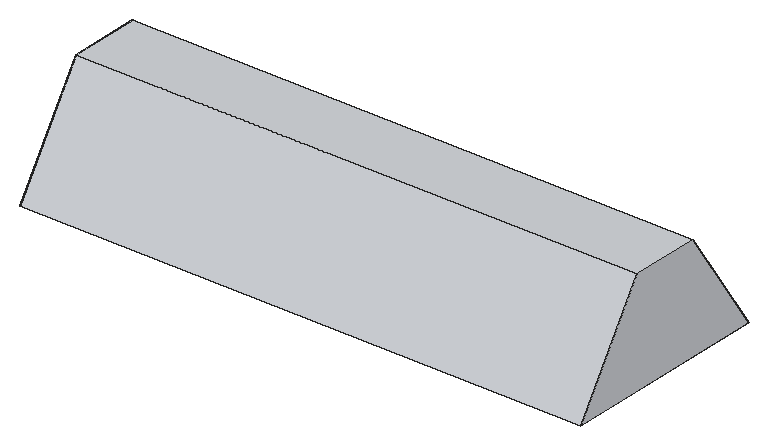
Revit family "FK041-48X18X9", category Furniture Systems, Revit 2019
Family settings
  Round Connector Dimension = Use Diameter
  Part Type = Normal
  Work Plane-Based = No
  Always vertical = Yes
  Cut with Voids When Loaded = No
  Shared = No
  Room Calculation Point = No
Parameters
  URL = "https://fomcore.com/"
  Side Fabric = none
  Seat Fabric = none
  Model = "FK041-48X18X9"
  Manufacturer = "FOMCORE"
  Description = "Lotus Series - Balance Beam"
Reference planes (in)
  plane 1 "Center F/B": y = 0
  plane 2: z = 0
  plane 3 "Center L/R": x = 0
  plane 4: x = -24
  plane 5: x = 24
  plane 6: y = -9
  plane 7: y = 9
Forms (in)
  Sweep 1, solid, material <- "Seat Fabric"
    path origin (24, 0, 0) x (0, 1, 0) y (0, 0, 1)
      loop
        line (-9, 0) -> (9, 0) -> (3, 9) -> (-3, 9) -> (-9, 0)
    profile origin (24, 0, 0) x (0, 0, 1) y (1, 0, 0)
      loop
        line (0, 0) -> (0, -48) -> (0.5, -46.62626) -> (0.5, -1.37374) -> (0, 0)
  Blend 2, solid, material <- "Side Fabric"
    base sketch origin (0, 0, 0) x (0, 1, 0) y (0, 0, 1)
      loop
        line (9, 0) -> (3, 9) -> (-3, 9) -> (-9, 0) -> (9, 0)
    top sketch origin (0, 0, 0) x (0, 1, 0) y (0, 0, 1)
      loop
        line (2.73241, 8.5) -> (-2.73241, 8.5) -> (-8.06574, 0.5) -> (8.06574, 0.5) -> (2.73241, 8.5)
    from 24 to 22.62626
  Blend 3, solid, material <- "Side Fabric"
    base sketch origin (0, 0, 0) x (0, 1, 0) y (0, 0, 1)
      loop
        line (9, 0) -> (3, 9) -> (-3, 9) -> (-9, 0) -> (9, 0)
    top sketch origin (0, 0, 0) x (0, 1, 0) y (0, 0, 1)
      loop
        line (2.73241, 8.5) -> (-2.73241, 8.5) -> (-8.06574, 0.5) -> (8.06574, 0.5) -> (2.73241, 8.5)
    from -24 to -22.62626
Dimensions and locks (in)
  plane 7 to plane 6 = 1' - 6"
  plane 4 to plane 5 = 4' - 0"
  aligned and locked: level to plane 2
